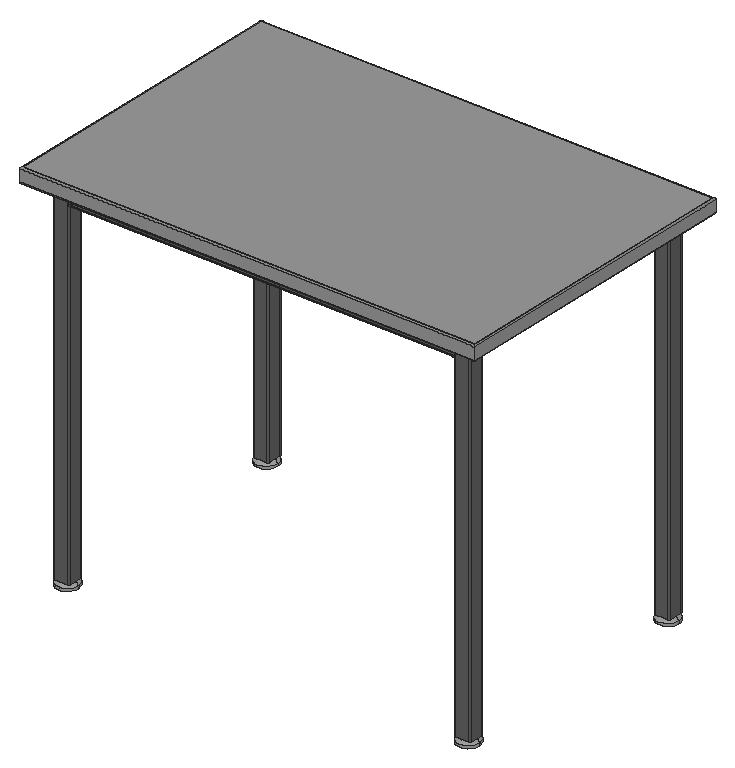
Revit family "Tutor 3624", category Generic Models, Revit 2018
Family settings
  Can host rebar = No
  Round Connector Dimension = Use Diameter
  Part Type = Normal
  Work Plane-Based = No
  Always vertical = Yes
  Cut with Voids When Loaded = No
  Shared = No
  Room Calculation Point = No
Parameters
  Surface = Tutor 3624 Surface
  Frame Finish = Tutor Frame Charcoal
  Edgeband = Tutor 3624 Edgeband
Reference planes (in)
  plane 1 "Center (Front/Back)": y = 0
  plane 2: z = 0
  plane 3 "Center (Left/Right)": x = 0
Forms (in)
  Extrusion 1, solid, material "Tutor Frame Charcoal" <- "Frame Finish"
    sketch origin (0, 0, -7) x (0, 1, 0) y (0, 0, 1)
      loop
        arc (10.4, 34.29492) -> (10.47071, 34.32421) -> (10.5, 34.39492) r 0.1
        line (10.5, 34.39492) -> (10.5, 35.44492)
        arc (10.5, 35.44492) -> (10.47071, 35.51563) -> (10.4, 35.54492) r 0.1
        line (10.4, 35.54492) -> (9.35, 35.54492)
        arc (9.35, 35.54492) -> (9.27929, 35.51563) -> (9.25, 35.44492) r 0.1
        line (9.25, 35.44492) -> (9.25, 34.39492)
        arc (9.25, 34.39492) -> (9.27929, 34.32421) -> (9.35, 34.29492) r 0.1
        line (9.35, 34.29492) -> (10.4, 34.29492)
      loop
        line (-10.4, 34.29492) -> (-9.35, 34.29492)
        arc (-9.35, 34.29492) -> (-9.27929, 34.32421) -> (-9.25, 34.39492) r 0.1
        line (-9.25, 34.39492) -> (-9.25, 35.44492)
        arc (-9.25, 35.44492) -> (-9.27929, 35.51563) -> (-9.35, 35.54492) r 0.1
        line (-9.35, 35.54492) -> (-10.4, 35.54492)
        arc (-10.4, 35.54492) -> (-10.47071, 35.51563) -> (-10.5, 35.44492) r 0.1
        line (-10.5, 35.44492) -> (-10.5, 34.39492)
        arc (-10.5, 34.39492) -> (-10.47071, 34.32421) -> (-10.4, 34.29492) r 0.1
    from -15.25 to 15.25
  Extrusion 2, solid, material "Tutor Frame Charcoal" <- "Frame Finish"
    sketch origin (0, 0, -7) x (1, 0, 0) y (0, 0, 1)
      loop
        arc (-15.35, 34.29492) -> (-15.27929, 34.32421) -> (-15.25, 34.39492) r 0.1
        line (-15.25, 34.39492) -> (-15.25, 35.44492)
        arc (-15.25, 35.44492) -> (-15.27929, 35.51563) -> (-15.35, 35.54492) r 0.1
        line (-15.35, 35.54492) -> (-16.4, 35.54492)
        arc (-16.4, 35.54492) -> (-16.47071, 35.51563) -> (-16.5, 35.44492) r 0.1
        line (-16.5, 35.44492) -> (-16.5, 34.39492)
        arc (-16.5, 34.39492) -> (-16.47071, 34.32421) -> (-16.4, 34.29492) r 0.1
        line (-16.4, 34.29492) -> (-15.35, 34.29492)
      loop
        line (15.35, 34.29492) -> (16.4, 34.29492)
        arc (16.4, 34.29492) -> (16.47071, 34.32421) -> (16.5, 34.39492) r 0.1
        line (16.5, 34.39492) -> (16.5, 35.44492)
        arc (16.5, 35.44492) -> (16.47071, 35.51563) -> (16.4, 35.54492) r 0.1
        line (16.4, 35.54492) -> (15.35, 35.54492)
        arc (15.35, 35.54492) -> (15.27929, 35.51563) -> (15.25, 35.44492) r 0.1
        line (15.25, 35.44492) -> (15.25, 34.39492)
        arc (15.25, 34.39492) -> (15.27929, 34.32421) -> (15.35, 34.29492) r 0.1
    from -9.25 to 9.25
  Extrusion 3, solid, material "Tutor 3624 Surface" <- "Surface"
    sketch origin (0, 0, -7) x (1, 0, 0) y (0, 1, 0)
      loop
        line (17.88189, 11.79339) -> (-17.88189, 11.79339) -> (-17.88189, -11.79339) -> (17.88189, -11.79339) -> (17.88189, 11.79339)
    from 35.54492 to 36.74492
  Sweep 4, solid, material "Tutor 3624 Edgeband" <- "Edgeband"
    path origin (0, 0, -7) x (1, 0, 0) y (0, 1, 0)
      loop
        line (17.88189, 11.79339) -> (-17.88189, 11.79339) -> (-17.88189, -11.79339) -> (17.88189, -11.79339) -> (17.88189, 11.79339)
    profile origin (0, 11.79339, -7) x (0, -1, 0) y (0, 0, 1)
      loop
        arc (0, 36.74492) -> (-0.08352, 36.71033) -> (-0.11811, 36.62681) r 0.11811
        line (-0.11811, 36.62681) -> (-0.11811, 35.66303)
        arc (-0.11811, 35.66303) -> (-0.08352, 35.57952) -> (0, 35.54492) r 0.11811
        line (0, 35.54492) -> (0, 36.74492)
  Extrusion 5, solid, material "Tutor Frame Charcoal" <- "Frame Finish"
    sketch origin (0, 0, -7) x (1, 0, 0) y (0, 1, 0)
      loop
        line (-15.375, 10.5) -> (-16.375, 10.5)
        arc (-16.375, 10.5) -> (-16.46339, 10.46339) -> (-16.5, 10.375) r 0.125
        line (-16.5, 10.375) -> (-16.5, 9.375)
        arc (-16.5, 9.375) -> (-16.46339, 9.28661) -> (-16.375, 9.25) r 0.125
        line (-16.375, 9.25) -> (-15.375, 9.25)
        arc (-15.375, 9.25) -> (-15.28661, 9.28661) -> (-15.25, 9.375) r 0.125
        line (-15.25, 9.375) -> (-15.25, 10.375)
        arc (-15.25, 10.375) -> (-15.28661, 10.46339) -> (-15.375, 10.5) r 0.125
      loop
        arc (15.375, 10.5) -> (15.28661, 10.46339) -> (15.25, 10.375) r 0.125
        line (15.25, 10.375) -> (15.25, 9.375)
        arc (15.25, 9.375) -> (15.28661, 9.28661) -> (15.375, 9.25) r 0.125
        line (15.375, 9.25) -> (16.375, 9.25)
        arc (16.375, 9.25) -> (16.46339, 9.28661) -> (16.5, 9.375) r 0.125
        line (16.5, 9.375) -> (16.5, 10.375)
        arc (16.5, 10.375) -> (16.46339, 10.46339) -> (16.375, 10.5) r 0.125
        line (16.375, 10.5) -> (15.375, 10.5)
      loop
        arc (-15.375, -10.5) -> (-15.28661, -10.46339) -> (-15.25, -10.375) r 0.125
        line (-15.25, -10.375) -> (-15.25, -9.375)
        arc (-15.25, -9.375) -> (-15.28661, -9.28661) -> (-15.375, -9.25) r 0.125
        line (-15.375, -9.25) -> (-16.375, -9.25)
        arc (-16.375, -9.25) -> (-16.46339, -9.28661) -> (-16.5, -9.375) r 0.125
        line (-16.5, -9.375) -> (-16.5, -10.375)
        arc (-16.5, -10.375) -> (-16.46339, -10.46339) -> (-16.375, -10.5) r 0.125
        line (-16.375, -10.5) -> (-15.375, -10.5)
      loop
        line (15.375, -10.5) -> (16.375, -10.5)
        arc (16.375, -10.5) -> (16.46339, -10.46339) -> (16.5, -10.375) r 0.125
        line (16.5, -10.375) -> (16.5, -9.375)
        arc (16.5, -9.375) -> (16.46339, -9.28661) -> (16.375, -9.25) r 0.125
        line (16.375, -9.25) -> (15.375, -9.25)
        arc (15.375, -9.25) -> (15.28661, -9.28661) -> (15.25, -9.375) r 0.125
        line (15.25, -9.375) -> (15.25, -10.375)
        arc (15.25, -10.375) -> (15.28661, -10.46339) -> (15.375, -10.5) r 0.125
    from 7.41992 to 35.54492
  Revolve 6, solid, material "Tutor Frame Platinum"
    sketch origin (12, -9.875, 0) x (1, 0, 0) y (0, 0, 1)
      loop
        line (-27.875, 0.41992) -> (-27.875, 0) -> (-27.00001, 0) -> (-27.00001, 0.16993) -> (-27.25, 0.41992) -> (-27.875, 0.41992)
      axis (-27.875, 0.41992) -> (-27.875, 0)
    angle from 0 to 360
  Revolve 7, solid, material "Tutor Frame Platinum"
    sketch origin (12, 9.875, 0) x (1, 0, 0) y (0, 0, -1)
      loop
        line (-27.875, -0.41992) -> (-27.25, -0.41992) -> (-27.00001, -0.16993) -> (-27.00001, 0) -> (-27.875, 0) -> (-27.875, -0.41992)
      axis (-27.875, -0.41992) -> (-27.875, 0)
    angle from 0 to 360
  Revolve 8, solid, material "Tutor Frame Platinum"
    sketch origin (-12, 9.875, 0) x (-1, 0, 0) y (0, 0, 1)
      loop
        line (-27.875, 0.41992) -> (-27.875, 0) -> (-27.00001, 0) -> (-27.00001, 0.16993) -> (-27.25, 0.41992) -> (-27.875, 0.41992)
      axis (-27.875, 0.41992) -> (-27.875, 0)
    angle from 0 to 360
  Revolve 9, solid, material "Tutor Frame Platinum"
    sketch origin (-12, -9.875, 0) x (-1, 0, 0) y (0, 0, -1)
      loop
        line (-27.875, -0.41992) -> (-27.25, -0.41992) -> (-27.00001, -0.16993) -> (-27.00001, 0) -> (-27.875, 0) -> (-27.875, -0.41992)
      axis (-27.875, -0.41992) -> (-27.875, 0)
    angle from 0 to 360
Dimensions and locks (in)
  aligned and locked: plane 2 to level
